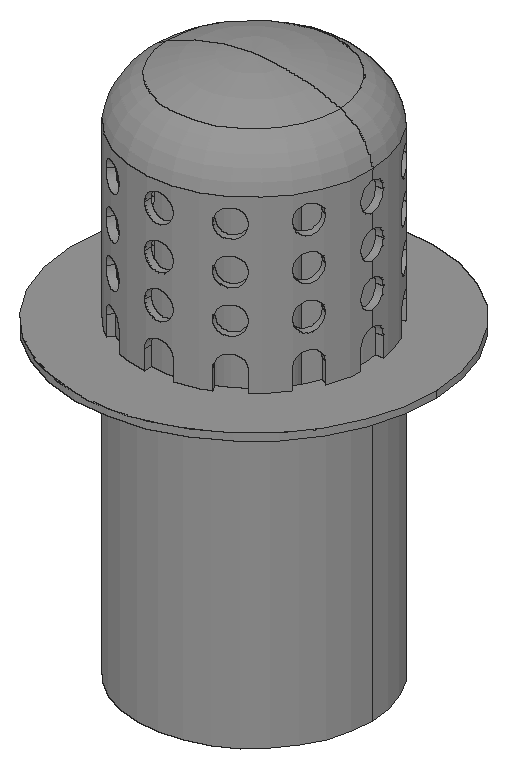
Revit family "Water Outlet_Face Based_Agrob Buchtal_Wiesbaden System_Silent W 2000", category Generic Models, host Face, Revit 2014
Parameters
  Youtube clip = ""
  Weight Net (Kg) = 0
  Uniclass 2015 Name = ""
  Uniclass 2015 Code = ""
  Uniclass 2.0 Description = "Drainage Channels With Gratings"
  Uniclass 2.0 Code = "PR-50-24-24"
  Uniclass 1.4 Description = "Drainage"
  Uniclass 1.4 Code = "JR1"
  UNSPSC Code = "3018"
  Technical description = "http://www.agrob-buchtal.de/en/service/architekten_und_planer/schwimmbaeder.html"
  Region South America = "All"
  Region Oceania = "All"
  Region North America = "All"
  Region Middle East = "All"
  Region Europe = "All"
  Region Asia = "All"
  Region Antarctica = "All"
  Region Africa = "All"
  QR code = "http://bimobject.com/agrob_buchtal/product/Wiesbaden"
  Product group = "Pool edge systems"
  Product family = "Swimming pool ceramics"
  Product data url = "https://bimobject.com/agrob_buchtal/product/Wiesbaden"
  Product certification = ""
  Product SKU = "Wiesbaden"
  Product Guid = "d2edff46-8a1b-4956-9a74-b639ebe51e18"
  Outlet Valve Material = White
  OmniClass Description = "Waste Water Channels, Gullies, Gratings, Covers"
  OmniClass Code = "23-39 29 15"
  Nominal width = 0
  Nominal height = 0
  NBS Reference Description = "Drainage Channels With Gratings"
  NBS Reference Code = "50-24-24"
  Material secondary = ""
  Material main = "Ceramics"
  Manufacturer name = "AGROB BUCHTAL"
  Manufacturer country = "Germany"
  Installation instructions = ""
  IFC Classification = ""
  Edition number = 1
  EAN code = ""
  Design country = "Germany"
  Default Elevation = 1219.2 mm
  Date of publishing = ""
  COBIe Type Category = ""
  BIMobject category = "Swimming pool"
Reference planes
  plane 1 "Center (Front/Back)": y = 0
  plane 2: z = 0
  plane 3 "Center (Left/Right)": x = 0
Forms (mm)
  Sweep 1, void
    path origin (0, 0, 0) x (1, 0, 0) y (0, 0, 1)
      loop
        line (0, 11.351) -> (0, -93.649)
    profile origin (0, 0, -41.149) x (0, -1, 0) y (1, 0, 0)
      loop
        circle (0, 0) r 43
Dimensions and locks
  Sweep 1 sketch curve to host face to Sweep 1 sketch curve = 11.351 mm locked, 93.649 mm locked
  aligned and locked: plane 2 to host face
  aligned and locked: level to host face
  aligned and locked: host face to nested 1
Nested families
  nested 1: "Water Outlet_Agrob Buchtal_Wiesbaden System_Silent W 2000" at (0, 0, -85.107), type "Water Outlet_Face Based_Agrob Buchtal_Wiesbaden System_Silent W 2000"
Definition of nested family "Water Outlet_Agrob Buchtal_Wiesbaden System_Silent W 2000"
  Parameters (values of type "Water Outlet_Face Based_Agrob Buchtal_Wiesbaden System_Silent W 2000")
    Outlet Valve Material = none
  Reference planes
    plane 1 "Center (Front/Back)": y = 0
    plane 2: z = 0
    plane 3 "Center (Left/Right)": x = 0
  Forms (mm)
    Extrusion 1, solid, material <- "Outlet Valve Material"
      sketch origin (0, 0, 0) x (1, 0, 0) y (0, 1, 0)
        loop
          circle (0, 0) r 32.5
        loop
          circle (0, 0) r 10
        loop
          circle (0, 0) r 30.5
        loop
          circle (0, 0) r 8
      from 0 to 135
    Revolve 2, solid, material <- "Outlet Valve Material"
      sketch origin (0, 0, 0) x (1, 0, 0) y (0, 0, 1)
        loop
          arc (0, 152) -> (-12.109, 150.67) -> (-23.656, 146.788) r 56.801
          arc (-23.656, 146.788) -> (-29.568, 142.012) -> (-32.5, 135) r 15.501
          line (-32.5, 135) -> (0, 135) -> (0, 152)
        axis (0, 152) -> (0, 135)
      angle from 0 to 360
    Sweep 3, solid, material <- "Outlet Valve Material"
      path origin (0, 0, 0) x (1, 0, 0) y (0, 0, 1)
        loop
          line (0, 85.107) -> (0, 87)
      profile origin (0, 0, 86.054) x (-1, 0, 0) y (0, -1, 0)
        loop
          circle (0, 0) r 50
        loop
          circle (0, 0) r 32.5
    Sweep 4, void
      path origin (0, 0, 0) x (1, 0, 0) y (0, 1, 0)
        loop
          line (0, -36.649) -> (0, -27.115)
      profile origin (0, -31.882, 0) x (-1, 0, 0) y (0, 0, 1)
        loop
          circle (0, 128.391) r 3.939
        loop
          circle (0, 116.519) r 3.939
        loop
          circle (0, 104.6) r 3.939
        loop
          arc (3.939, 92.519) -> (0, 96.458) -> (-3.939, 92.519) r 3.939
          line (-3.939, 92.519) -> (-3.939, 87) -> (3.939, 87) -> (3.939, 92.519)
    Sweep 5, void
      path origin (0, 0, 0) x (0.866025, 0.5, 0) y (-0.5, 0.866025, 0)
        loop
          line (0, -36.649) -> (0, -27.115)
      profile origin (15.941, -27.611, 0) x (-0.866025, -0.5, 0) y (0, 0, 1)
        loop
          circle (0, 128.391) r 3.939
        loop
          circle (0, 116.519) r 3.939
        loop
          circle (0, 104.6) r 3.939
        loop
          arc (3.939, 92.519) -> (0, 96.458) -> (-3.939, 92.519) r 3.939
          line (-3.939, 92.519) -> (-3.939, 87) -> (3.939, 87) -> (3.939, 92.519)
    Sweep 6, void
      path origin (0, 0, 0) x (0.5, 0.866025, 0) y (-0.866025, 0.5, 0)
        loop
          line (0, -36.649) -> (0, -27.115)
      profile origin (27.611, -15.941, 0) x (-0.5, -0.866025, 0) y (0, 0, 1)
        loop
          circle (0, 128.391) r 3.939
        loop
          circle (0, 116.519) r 3.939
        loop
          circle (0, 104.6) r 3.939
        loop
          arc (3.939, 92.519) -> (0, 96.458) -> (-3.939, 92.519) r 3.939
          line (-3.939, 92.519) -> (-3.939, 87) -> (3.939, 87) -> (3.939, 92.519)
    Sweep 7, void
      path origin (0, 0, 0) x (0, 1, 0) y (-1, 0, 0)
        loop
          line (0, -36.649) -> (0, -27.115)
      profile origin (31.882, 0, 0) x (0, -1, 0) y (0, 0, 1)
        loop
          circle (0, 128.391) r 3.939
        loop
          circle (0, 116.519) r 3.939
        loop
          circle (0, 104.6) r 3.939
        loop
          arc (3.939, 92.519) -> (0, 96.458) -> (-3.939, 92.519) r 3.939
          line (-3.939, 92.519) -> (-3.939, 87) -> (3.939, 87) -> (3.939, 92.519)
    Sweep 8, void
      path origin (0, 0, 0) x (-0.5, 0.866025, 0) y (-0.866025, -0.5, 0)
        loop
          line (0, -36.649) -> (0, -27.115)
      profile origin (27.611, 15.941, 0) x (0.5, -0.866025, 0) y (0, 0, 1)
        loop
          circle (0, 128.391) r 3.939
        loop
          circle (0, 116.519) r 3.939
        loop
          circle (0, 104.6) r 3.939
        loop
          arc (3.939, 92.519) -> (0, 96.458) -> (-3.939, 92.519) r 3.939
          line (-3.939, 92.519) -> (-3.939, 87) -> (3.939, 87) -> (3.939, 92.519)
    Sweep 9, void
      path origin (0, 0, 0) x (-0.866025, 0.5, 0) y (-0.5, -0.866025, 0)
        loop
          line (0, -36.649) -> (0, -27.115)
      profile origin (15.941, 27.611, 0) x (0.866025, -0.5, 0) y (0, 0, 1)
        loop
          circle (0, 128.391) r 3.939
        loop
          circle (0, 116.519) r 3.939
        loop
          circle (0, 104.6) r 3.939
        loop
          arc (3.939, 92.519) -> (0, 96.458) -> (-3.939, 92.519) r 3.939
          line (-3.939, 92.519) -> (-3.939, 87) -> (3.939, 87) -> (3.939, 92.519)
    Sweep 10, void
      path origin (0, 0, 0) x (-1, 0, 0) y (0, -1, 0)
        loop
          line (0, -36.649) -> (0, -27.115)
      profile origin (0, 31.882, 0) x (1, 0, 0) y (0, 0, 1)
        loop
          circle (0, 128.391) r 3.939
        loop
          circle (0, 116.519) r 3.939
        loop
          circle (0, 104.6) r 3.939
        loop
          arc (3.939, 92.519) -> (0, 96.458) -> (-3.939, 92.519) r 3.939
          line (-3.939, 92.519) -> (-3.939, 87) -> (3.939, 87) -> (3.939, 92.519)
    Sweep 11, void
      path origin (0, 0, 0) x (-0.866025, -0.5, 0) y (0.5, -0.866025, 0)
        loop
          line (0, -36.649) -> (0, -27.115)
      profile origin (-15.941, 27.611, 0) x (0.866025, 0.5, 0) y (0, 0, 1)
        loop
          circle (0, 128.391) r 3.939
        loop
          circle (0, 116.519) r 3.939
        loop
          circle (0, 104.6) r 3.939
        loop
          arc (3.939, 92.519) -> (0, 96.458) -> (-3.939, 92.519) r 3.939
          line (-3.939, 92.519) -> (-3.939, 87) -> (3.939, 87) -> (3.939, 92.519)
    Sweep 12, void
      path origin (0, 0, 0) x (-0.5, -0.866025, 0) y (0.866025, -0.5, 0)
        loop
          line (0, -36.649) -> (0, -27.115)
      profile origin (-27.611, 15.941, 0) x (0.5, 0.866025, 0) y (0, 0, 1)
        loop
          circle (0, 128.391) r 3.939
        loop
          circle (0, 116.519) r 3.939
        loop
          circle (0, 104.6) r 3.939
        loop
          arc (3.939, 92.519) -> (0, 96.458) -> (-3.939, 92.519) r 3.939
          line (-3.939, 92.519) -> (-3.939, 87) -> (3.939, 87) -> (3.939, 92.519)
    Sweep 13, void
      path origin (0, 0, 0) x (0, -1, 0) y (1, 0, 0)
        loop
          line (0, -36.649) -> (0, -27.115)
      profile origin (-31.882, 0, 0) x (0, 1, 0) y (0, 0, 1)
        loop
          circle (0, 128.391) r 3.939
        loop
          circle (0, 116.519) r 3.939
        loop
          circle (0, 104.6) r 3.939
        loop
          arc (3.939, 92.519) -> (0, 96.458) -> (-3.939, 92.519) r 3.939
          line (-3.939, 92.519) -> (-3.939, 87) -> (3.939, 87) -> (3.939, 92.519)
    Sweep 14, void
      path origin (0, 0, 0) x (0.5, -0.866025, 0) y (0.866025, 0.5, 0)
        loop
          line (0, -36.649) -> (0, -27.115)
      profile origin (-27.611, -15.941, 0) x (-0.5, 0.866025, 0) y (0, 0, 1)
        loop
          circle (0, 128.391) r 3.939
        loop
          circle (0, 116.519) r 3.939
        loop
          circle (0, 104.6) r 3.939
        loop
          arc (3.939, 92.519) -> (0, 96.458) -> (-3.939, 92.519) r 3.939
          line (-3.939, 92.519) -> (-3.939, 87) -> (3.939, 87) -> (3.939, 92.519)
    Sweep 15, void
      path origin (0, 0, 0) x (0.866025, -0.5, 0) y (0.5, 0.866025, 0)
        loop
          line (0, -36.649) -> (0, -27.115)
      profile origin (-15.941, -27.611, 0) x (-0.866025, 0.5, 0) y (0, 0, 1)
        loop
          circle (0, 128.391) r 3.939
        loop
          circle (0, 116.519) r 3.939
        loop
          circle (0, 104.6) r 3.939
        loop
          arc (3.939, 92.519) -> (0, 96.458) -> (-3.939, 92.519) r 3.939
          line (-3.939, 92.519) -> (-3.939, 87) -> (3.939, 87) -> (3.939, 92.519)
  Cuts and joins
    Sweep 4, Sweep 5, Sweep 6, Sweep 7, Sweep 8, Sweep 9, Sweep 10, Sweep 11, Sweep 12, Sweep 13, Sweep 14, Sweep 15 cuts Extrusion 1
    Sweep 5, Sweep 6, Sweep 7, Sweep 8, Sweep 9, Sweep 10, Sweep 11, Sweep 12, Sweep 13, Sweep 14, Sweep 15 cuts Revolve 2
    Sweep 4, Sweep 5, Sweep 6, Sweep 7, Sweep 8, Sweep 9, Sweep 10, Sweep 11, Sweep 12, Sweep 13, Sweep 14, Sweep 15 cuts Sweep 3
    joined: Extrusion 1, Revolve 2, Sweep 3
  Dimensions and locks
    aligned and locked: level to plane 2
